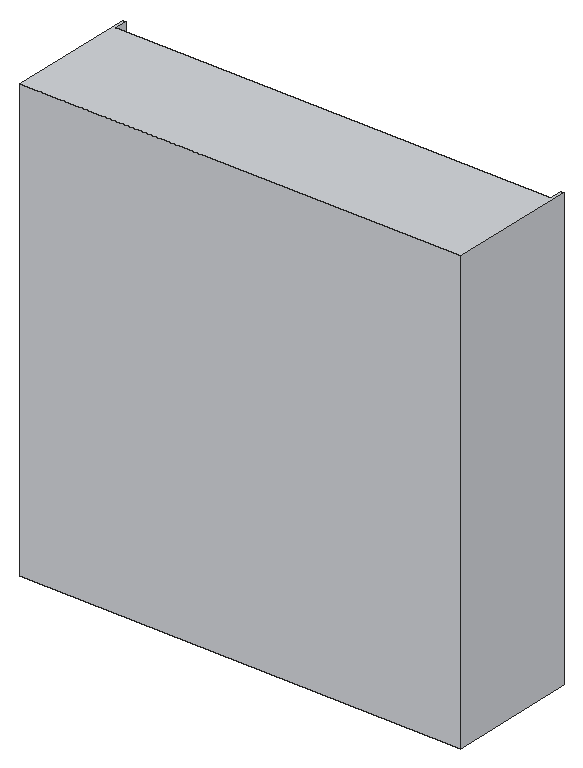
Revit family "Shower_Base-Willoughby-SB-3636", category Generic Models, Revit 2015
Parameters (values of type "SB-Series 3636")
  URL = "https://www.willoughby-ind.com/wp-content/uploads/2018/01/SB-3636.pdf"
  Revision = "A"
  Model = "SB-3636"
  Manufacturer = "Willoughby Industries"
  Description = "36\" X 36\" Stainless Steel Shower Base"
  Default Elevation = 0' - 0"
  Contact Info = "(800) 428-4065"
Reference planes (in)
  plane 1 "Center (Front/Back)": y = 0
  plane 2: z = 0
  plane 3 "Center (Left/Right)": x = 0
  plane 4: z = 16.125
Forms (in)
  Extrusion 1, solid
    sketch origin (-9, 23.79286, 0) x (1, 0, 0) y (0, 1, 0)
      loop
        line (-9, -13.29286) -> (-9, -23.79286) -> (27, -23.79286) -> (27, -13.29286) -> (-9, -13.29286)
    from 0 to 36
  Extrusion 2, void
    sketch origin (0.25, 0, 0) x (1, 0, 0) y (0, 1, 0)
      loop
        line (-18, 10.5) -> (-18, 9.5) -> (17.5, 9.5) -> (17.5, 10.5) -> (-18, 10.5)
    from 0.25 to 36.25
  Extrusion 3, void
    sketch origin (-0.1668, 0, -2) x (1, 0, 0) y (0, 0, 1)
      loop
        line (3.1668, 23.08526) -> (-2.8332, 23.08526) -> (-2.8332, 17.08526) -> (3.1668, 17.08526) -> (3.1668, 23.08526)
    from -9.5 to -9.30631
  Extrusion 4, solid
    sketch origin (-0.41126, -0.42592, 0) x (1, 0, 0) y (0, 1, 0)
      loop
        circle (0.39889, 6.92592) r 1
    from 0 to 2
Cuts and joins
  Extrusion 2, Extrusion 3 cuts Extrusion 1
Dimensions and locks (in)
  Extrusion 1 to Extrusion 1 = 3' - 0"
  locked: cut or joined group of Extrusion 1, Extrusion 2, Extrusion 3 to Extrusion 4 sketch curve at 6.5
  aligned and locked: plane 1 "Center (Front/Back)" to Extrusion 1
Connectors (in)
  piping at (-0.01237, 6.5, 0), diameter 2
    settings: on Extrusion 4, index 1, connector inside diameter 24", connector length 0' - 0", flow factor 0, pipe flow 0 GPM, pressure drop 0.00 psi, fitting loss kfactor 0, connector angle 0.00°, fixture units 0, engagement length 0' - 0", angle of deflection 0.00°, flow configuration 0, flow direction 2, fitting loss method 0, system type 16, joint type 0, gender type 0, connector reference index -1, connector utility 0, adjustable connector no, is connector primary yes, connector description "2\" FIP"
